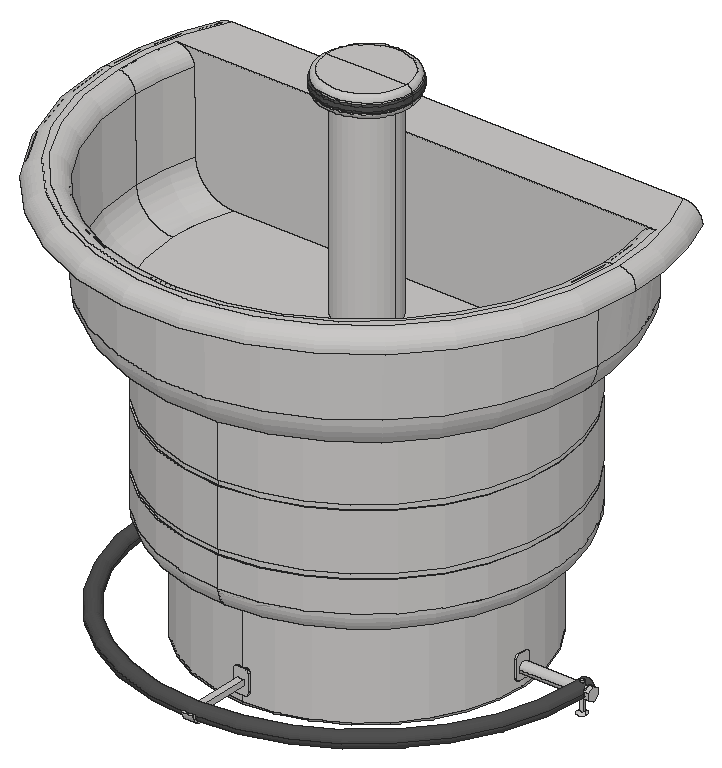
Revit family "Washfountain_Lavatory-Bradley_Corp-WF2703-Type_O_Drain", category Plumbing Fixtures, Revit 2012 (continued)
Automatic sketch dimensions
  curve 111 to curve 118 = 0.01928"
  curve 118 to curve 118 = 0.39728"
  curve 118 to curve 118 = 0.31998"
  curve 118 to curve 121 = 0.31998"
  curve 113 to curve 10 = 1.000"
  curve 10 to curve 114 = 0.625"
  curve 120 to curve 10 = 0.29642"
  curve 120 to curve 114 = 2.18152"
  curve 120 to curve 120 = 0.31998"  (x2)
  curve 10 to curve 115 = 3.69333"
  curve 120 to curve 120 = 0.39728"
  curve 114 to curve 112 = 4.76314"
  curve 118 to curve 118 = 0.17193"
  curve 120 to curve 114 = 0.46834"
  curve 121 to curve 115 = 2.89842"
  curve 115 to curve 115 = 1.000"
  curve 10 to curve 114 = 13.12502"
  curve 10 to curve 110 = 14.62567"
  curve 10 to curve 110 = 15.313"
  curve 10 to curve 113 = 15.313"
  curve 108 to curve 109 = 0.000"
  curve 123 to curve 122 = 0.000"
  curve 129 to curve 122 = 0.000"
  curve 130 to curve 122 = 0.000"
  curve 124 to curve 122 = 0.000"
  curve 123 to curve 122 = 2.56458"
  curve 122 to curve 129 = 1.000"
  curve 122 to curve 134 = 1.000"
  curve 122 to curve 133 = 1.000"
  curve 132 to curve 122 = 1.000"
  curve 131 to curve 132 = 0.000"
  curve 130 to curve 122 = 0.99987"
  curve 122 to curve 127 = 2.56458"
  curve 122 to curve 130 = 1.0786"
  curve 128 to curve 127 = 0.500"
  curve 122 to curve 126 = 14.12567"
  curve 126 to curve 125 = 0.500"
  curve 132 to curve 132 = 0.68733"
  curve 125 to curve 124 = 0.68733"
  curve 125 to curve 123 = 0.68733"
  curve 133 to curve 133 = 0.68733"
  curve 135 to curve 136 = 0.000"
  curve 96 to curve 136 = 1.37502"
  curve 96 to curve 136 = 6.02868"
  curve 84 to curve 136 = 6.02868"
  curve 93 to curve 98 = 0.9785"
  curve 93 to curve 103 = 1.17006"
  curve 103 to curve 103 = 0.55422"  (x2)
  curve 103 to curve 136 = 0.29642"
  curve 103 to curve 103 = 0.10867"
  curve 103 to curve 96 = 0.36284"
  curve 101 to curve 93 = 0.43861"
  curve 101 to curve 100 = 0.10867"
  curve 101 to curve 136 = 0.30441"
  curve 136 to curve 102 = 0.24981"
  curve 102 to curve 135 = 0.75019"
  curve 136 to curve 83 = 1.000"
  curve 135 to curve 94 = 0.41987"
  curve 83 to curve 92 = 1.93542"
  curve 92 to curve 91 = 0.12917"
  curve 90 to curve 136 = 1.41987"
  curve 83 to curve 136 = 1.000"
  curve 90 to curve 135 = 0.420"
  curve 105 to curve 136 = 0.35848"
  curve 105 to curve 106 = 0.10867"
  curve 136 to curve 105 = 0.30441"
  curve 136 to curve 86 = 0.52868"
  curve 88 to curve 105 = 0.32994"
  curve 136 to curve 99 = 1.50718"
  curve 104 to curve 97 = 2.42006"
  curve 97 to curve 107 = 0.4715"
  curve 107 to curve 107 = 0.55422"  (x2)
  curve 107 to curve 107 = 0.10867"
  curve 97 to curve 87 = 2.750"
  curve 136 to curve 105 = 0.29642"
  curve 103 to curve 103 = 0.04026"
  curve 105 to curve 105 = 0.04026"
  curve 106 to curve 97 = 1.0786"
  curve 93 to curve 98 = 2.602"
  curve 136 to curve 99 = 3.97702"
  curve 98 to curve 98 = 1.000"
  curve 99 to curve 99 = 1.000"
  curve 136 to curve 96 = 13.12502"
  curve 136 to curve 97 = 13.12502"
  curve 136 to curve 95 = 14.62567"
  curve 136 to curve 88 = 14.62567"
  curve 136 to curve 86 = 15.313"
  Extrusion 21 sketch curve to Extrusion 21 sketch curve = 0.000"  (x6)
  Extrusion 21 sketch curve to plane 12 = 0.000"  (x3)
  plane 3 "Center (Left/Right)" to Extrusion 21 sketch curve = 5.750"
  Extrusion 21 sketch curve to Extrusion 21 sketch curve = 0.87229"
  Extrusion 21 sketch curve to Extrusion 21 sketch curve = 0.25708"  (x5)
  Extrusion 21 sketch curve to Extrusion 21 sketch curve = 0.62063"  (x5)
  plane 12 to Extrusion 21 sketch curve = 0.62063"  (x2)
  Extrusion 21 sketch curve to plane 12 = 0.62063"  (x2)
  Extrusion 22 sketch curve to plane 12 = 0.000"
  plane 3 "Center (Left/Right)" to Extrusion 22 sketch curve = 4.000"
  profile plane to Sweep 23 sketch curve = 0.500"
  profile plane to Sweep 23 sketch curve = 1.42499"
  Extrusion 24 sketch curve to plane 12 = 0.42481"
  Extrusion 24 sketch curve to plane 12 = 0.05332"
  Extrusion 24 sketch curve to plane 12 = 0.05331"
  plane 12 to Extrusion 24 sketch curve = 0.31819"
  level to Extrusion 24 sketch curve = 0.99603"
  Extrusion 24 sketch curve to Extrusion 24 sketch curve = 0.21448"  (x2)
  Extrusion 24 sketch curve to Extrusion 24 sketch curve = 0.42897"  (x2)
  Extrusion 24 sketch curve to Extrusion 24 sketch curve = 0.21449"
  Extrusion 25 sketch curve to plane 12 = 0.42481"
  Extrusion 25 sketch curve to plane 12 = 0.05332"
  Extrusion 25 sketch curve to plane 12 = 0.05331"
  plane 12 to Extrusion 25 sketch curve = 0.31819"
  level to Extrusion 25 sketch curve = 0.99603"
  Extrusion 25 sketch curve to Extrusion 25 sketch curve = 0.21448"  (x2)
  Extrusion 25 sketch curve to Extrusion 25 sketch curve = 0.42897"  (x2)
  Extrusion 25 sketch curve to Extrusion 25 sketch curve = 0.21449"
  Extrusion 26 sketch curve to plane 12 = 0.05331"
  level to Extrusion 26 sketch curve = 1.425"
  Extrusion 27 sketch curve to plane 12 = 0.05331"
  level to Extrusion 27 sketch curve = 1.42499"
  Extrusion 28 sketch curve to plane 12 = 0.000"  (x2)
  plane 4 "Left" to Extrusion 28 sketch curve = 3.42187"
  Extrusion 28 sketch curve to plane 5 "Right" = 3.42187"
  Blend 29 sketch curve to plane 12 = 0.000"  (x2)
  plane 4 "Left" to Blend 29 sketch curve = 3.42187"  (x2)
  Blend 30 sketch curve to plane 12 = 0.000"  (x2)
  Blend 30 sketch curve to plane 5 "Right" = 3.42187"  (x2)
  Masking region 27 sketch curve to curve 163 = 1.9244"
  Masking region 27 sketch curve to curve 163 = 13.00846"
  curve 163 to Masking region 27 sketch curve = 1.100"
  Masking region 27 sketch curve to Masking region 27 sketch curve = 0.80046"
  Masking region 27 sketch curve to curve 163 = 0.92558"
  curve 163 to Masking region 27 sketch curve = 13.00846"
  Extrusion 31 sketch curve to plane 12 = 0.55331"
  Extrusion 31 sketch curve to plane 12 = 0.30331"  (x2)
  plane 12 to Extrusion 31 sketch curve = 0.19669"  (x2)
  Extrusion 31 sketch curve to Extrusion 31 sketch curve = 0.250"
  level to Extrusion 31 sketch curve = 0.671"
  Extrusion 31 sketch curve to Extrusion 31 sketch curve = 1.125"
  Extrusion 32 sketch curve to plane 12 = 0.55331"
  Extrusion 32 sketch curve to plane 12 = 0.30331"
  Extrusion 32 sketch curve to Extrusion 32 sketch curve = 0.250"  (x2)
  plane 12 to Extrusion 32 sketch curve = 0.19669"  (x2)
  level to Extrusion 32 sketch curve = 0.671"
  Extrusion 32 sketch curve to Extrusion 32 sketch curve = 1.125"
  Masking region 28 sketch curve to Masking region 28 sketch curve = 0.000"  (x12)
  Masking region 28 sketch curve to level = 0.000"  (x2)
  plane 4 "Left" to Masking region 28 sketch curve = 2.67187"
  Masking region 28 sketch curve to Masking region 28 sketch curve = 0.3125"  (x2)
  Masking region 28 sketch curve to Masking region 28 sketch curve = 0.1105"
  Masking region 28 sketch curve to Masking region 28 sketch curve = 0.1734"
  Masking region 28 sketch curve to Masking region 28 sketch curve = 0.17342"
  Masking region 28 sketch curve to Masking region 28 sketch curve = 0.14408"
  Masking region 28 sketch curve to Masking region 28 sketch curve = 0.207"  (x5)
  Masking region 28 sketch curve to Masking region 28 sketch curve = 0.18967"
  Masking region 28 sketch curve to Masking region 28 sketch curve = 0.240"  (x4)
  Masking region 28 sketch curve to Masking region 28 sketch curve = 3.84177"
  Masking region 28 sketch curve to Masking region 28 sketch curve = 0.125"  (x2)
  level to Masking region 28 sketch curve = 2.296"
  Masking region 28 sketch curve to plane 5 "Right" = 7.50863"
  Masking region 28 sketch curve to Masking region 28 sketch curve = 3.63477"
  Masking region 28 sketch curve to Masking region 28 sketch curve = 0.05033"
  level to Masking region 28 sketch curve = 0.1445"  (x4)
  Masking region 28 sketch curve to Masking region 28 sketch curve = 0.14409"  (x2)
  Masking region 28 sketch curve to Masking region 28 sketch curve = 0.20127"  (x2)
  Masking region 28 sketch curve to Masking region 28 sketch curve = 0.33574"
  level to Masking region 28 sketch curve = 0.671"  (x2)
  Masking region 28 sketch curve to Masking region 28 sketch curve = 0.78363"  (x2)
  Masking region 28 sketch curve to Masking region 28 sketch curve = 0.03488"  (x2)
  Masking region 28 sketch curve to Masking region 28 sketch curve = 0.03303"  (x2)
  Masking region 28 sketch curve to Masking region 28 sketch curve = 0.05746"
  Masking region 28 sketch curve to Masking region 28 sketch curve = 0.05747"  (x2)
  Masking region 28 sketch curve to Masking region 28 sketch curve = 0.05748"
  Masking region 28 sketch curve to Masking region 28 sketch curve = 0.09048"
  Masking region 28 sketch curve to Masking region 28 sketch curve = 0.09049"
  Masking region 28 sketch curve to Masking region 28 sketch curve = 0.07813"
  Masking region 28 sketch curve to Masking region 28 sketch curve = 0.11301"
  Masking region 28 sketch curve to Masking region 28 sketch curve = 1.625"
  level to Masking region 29 sketch curve = 1.9244"
  plane 14 "Front" to Masking region 29 sketch curve = 3.82788"
  plane 12 to Masking region 29 sketch curve = 0.500"
  Masking region 29 sketch curve to Masking region 29 sketch curve = 0.49941"
  Extrusion 33 sketch curve to Extrusion 33 sketch curve = 0.000"  (x4)
  level to Extrusion 33 sketch curve = 1.42499"
  plane 14 "Front" to Extrusion 33 sketch curve = 3.22848"
  Extrusion 33 sketch curve to Extrusion 33 sketch curve = 0.050"
  Extrusion 33 sketch curve to Extrusion 33 sketch curve = 0.49941"
  Extrusion 33 sketch curve to Extrusion 33 sketch curve = 0.45761"
  level to Extrusion 34 sketch curve = 1.42499"
  plane 14 "Front" to Extrusion 34 sketch curve = 3.82788"
  Extrusion 34 sketch curve to Extrusion 34 sketch curve = 0.56506"
  Extrusion 34 sketch curve to Extrusion 34 sketch curve = 0.000"
  level to Extrusion 34 sketch curve = 1.62499"
  Extrusion 34 sketch curve to Extrusion 34 sketch curve = 3.32401"
  Masking region 32 sketch curve to plane 1 "Center (Front/Back)" = 0.000"
  Masking region 32 sketch curve to plane 5 "Right" = 1.41931"
  curve 13 to curve 172 = 0.000"  (x2)
  curve 172 to curve 175 = 2.64121"
  plane 1 "Center (Front/Back)" to curve 174 = 3.4965"
  plane 12 to curve 174 = 2.14004"
  curve 174 to curve 174 = 2.64121"
  plane 12 to curve 172 = 2.14004"
  curve 149 to plane 12 = 0.000"
  curve 149 to plane 3 "Center (Left/Right)" = 0.000"
  plane 12 to curve 150 = 0.500"
  plane 12 to curve 151 = 0.500"
  plane 12 to Masking region 33 sketch curve = 1.13814"  (x2)
  plane 12 to Masking region 33 sketch curve = 3.13814"
  Masking region 33 sketch curve to Masking region 33 sketch curve = 3.4641"  (x2)
  Masking region 33 sketch curve to Masking region 33 sketch curve = 0.06458"  (x2)
  plane 3 "Center (Left/Right)" to Masking region 33 sketch curve = 3.52868"
  plane 3 "Center (Left/Right)" to Masking region 33 sketch curve = 0.06458"
  Masking region 33 sketch curve to plane 3 "Center (Left/Right)" = 0.06458"
  Masking region 33 sketch curve to plane 3 "Center (Left/Right)" = 5.500"
  plane 12 to Masking region 33 sketch curve = 3.250"
  Masking region 33 sketch curve to Masking region 33 sketch curve = 0.11186"
  Masking region 33 sketch curve to Masking region 33 sketch curve = 2.000"
  plane 12 to curve 183 = 2.26314"
  plane 3 "Center (Left/Right)" to curve 183 = 7.08013"
  curve 183 to curve 182 = 1.51554"
  plane 3 "Center (Left/Right)" to curve 183 = 1.58013"
  plane 3 "Center (Left/Right)" to curve 182 = 0.06458"
  curve 181 to plane 3 "Center (Left/Right)" = 0.06458"
  curve 180 to plane 3 "Center (Left/Right)" = 1.58013"
  curve 181 to plane 3 "Center (Left/Right)" = 5.56458"
  plane 12 to curve 180 = 2.26314"
  curve 181 to curve 180 = 1.51554"
  curve 181 to curve 180 = 0.875"  (x2)
  curve 182 to curve 183 = 0.875"  (x2)
  curve 182 to plane 12 = 6.38814"
  curve 181 to curve 182 = 0.000"
  Masking region 34 sketch curve to plane 12 = 0.000"
  Masking region 34 sketch curve to plane 3 "Center (Left/Right)" = 0.000"
  plane 12 to Masking region 34 sketch curve = 2.250"
  plane 3 "Center (Left/Right)" to Masking region 34 sketch curve = 6.20569"
  plane 4 "Left" to curve 150 = 2.99154"
  curve 13 to curve 176 = 0.000"  (x2)
  curve 174 to curve 177 = 0.000"  (x2)
  curve 175 to curve 178 = 0.000"  (x2)
  curve 178 to curve 178 = 0.75958"
  curve 178 to curve 176 = 0.03579"
  curve 174 to curve 176 = 0.78132"
  curve 179 to curve 175 = 0.78315"
  curve 176 to curve 178 = 0.17716"
  curve 186 to plane 12 = 0.000"
  curve 186 to plane 3 "Center (Left/Right)" = 0.000"
  curve 187 to curve 186 = 4.15684"
  curve 185 to curve 185 = 2.250"
  curve 187 to curve 186 = 2.250"
  curve 7 to curve 44 = 1.00047"
  curve 44 to curve 7 = 3.13971"
  curve 45 to curve 44 = 0.000"  (x2)
  curve 44 to curve 46 = 0.1567"
  curve 46 to curve 47 = 0.05262"
  curve 47 to curve 48 = 0.05262"
  curve 48 to curve 49 = 0.06777"
  curve 7 to curve 49 = 2.810"
  curve 49 to curve 48 = 0.06777"
  curve 48 to curve 47 = 0.05262"
  curve 47 to curve 46 = 0.05262"
  curve 46 to curve 44 = 0.1567"
  curve 46 to curve 44 = 0.64189"
  curve 47 to curve 46 = 1.250"
  curve 48 to curve 47 = 1.250"
  curve 49 to curve 48 = 1.250"
  curve 7 to curve 45 = 0.37529"
  Extrusion 38 sketch curve to plane 3 "Center (Left/Right)" = 0.500"
  Extrusion 38 sketch curve to plane 3 "Center (Left/Right)" = 0.250"  (x2)
  plane 3 "Center (Left/Right)" to Extrusion 38 sketch curve = 0.250"  (x2)
  Extrusion 38 sketch curve to Extrusion 38 sketch curve = 0.250"
  level to Extrusion 38 sketch curve = 0.671"
  Extrusion 38 sketch curve to Extrusion 38 sketch curve = 1.125"
  Masking region 30 sketch curve to Masking region 30 sketch curve = 0.000"  (x6)
  Masking region 30 sketch curve to level = 0.000"
  plane 14 "Front" to Masking region 30 sketch curve = 3.22848"
  Masking region 30 sketch curve to Masking region 30 sketch curve = 0.050"
  Masking region 30 sketch curve to Masking region 30 sketch curve = 0.49941"
  level to Masking region 30 sketch curve = 0.92558"  (x2)
  Masking region 30 sketch curve to Masking region 30 sketch curve = 3.55758"
  Masking region 30 sketch curve to Masking region 30 sketch curve = 0.125"  (x2)
  Masking region 30 sketch curve to plane 12 = 0.55349"
  Masking region 30 sketch curve to plane 12 = 0.55331"
  Masking region 30 sketch curve to Masking region 30 sketch curve = 0.1285"
  Masking region 30 sketch curve to plane 12 = 0.32637"
  Masking region 30 sketch curve to plane 12 = 0.30331"
  Masking region 30 sketch curve to plane 12 = 0.30215"
  Masking region 30 sketch curve to plane 12 = 0.120"
  Masking region 30 sketch curve to plane 12 = 0.05332"
  Masking region 30 sketch curve to plane 12 = 0.05331"
  plane 12 to Masking region 30 sketch curve = 0.120"
  plane 12 to Masking region 30 sketch curve = 0.19559"
  plane 12 to Masking region 30 sketch curve = 0.19669"
  Masking region 30 sketch curve to Masking region 30 sketch curve = 0.1226"
  Masking region 30 sketch curve to Masking region 30 sketch curve = 0.20637"
  Masking region 30 sketch curve to Masking region 30 sketch curve = 0.250"
  Masking region 30 sketch curve to Masking region 30 sketch curve = 0.25134"
  level to Masking region 30 sketch curve = 0.1445"  (x2)
  Masking region 30 sketch curve to Masking region 30 sketch curve = 0.25458"
  Masking region 30 sketch curve to Masking region 30 sketch curve = 0.5265"
  Masking region 30 sketch curve to Masking region 30 sketch curve = 0.25136"
  Masking region 30 sketch curve to Masking region 30 sketch curve = 0.07367"
  Masking region 30 sketch curve to Masking region 30 sketch curve = 0.28493"  (x2)
  Masking region 30 sketch curve to Masking region 30 sketch curve = 0.42897"  (x2)
  Masking region 30 sketch curve to Masking region 30 sketch curve = 0.21449"
  Masking region 30 sketch curve to Masking region 30 sketch curve = 0.99881"
  Masking region 30 sketch curve to Masking region 30 sketch curve = 0.28491"
  Masking region 30 sketch curve to Masking region 30 sketch curve = 0.1216"
  Masking region 30 sketch curve to Masking region 30 sketch curve = 0.3716"
  curve 163 to Masking region 31 sketch curve = 1.000"
  Masking region 31 sketch curve to Masking region 31 sketch curve = 0.00039"
  Masking region 31 sketch curve to Masking region 31 sketch curve = 0.09961"
  Masking region 31 sketch curve to Masking region 31 sketch curve = 0.250"  (x2)
  Masking region 31 sketch curve to Masking region 31 sketch curve = 0.49837"
  Masking region 31 sketch curve to Masking region 31 sketch curve = 0.500"
  Masking region 31 sketch curve to Masking region 31 sketch curve = 0.09932"
  Masking region 31 sketch curve to curve 163 = 0.67509"
  Masking region 31 sketch curve to Masking region 31 sketch curve = 0.54936"
  Masking region 31 sketch curve to Masking region 31 sketch curve = 0.44941"
  Masking region 31 sketch curve to Masking region 31 sketch curve = 0.1216"
  Masking region 31 sketch curve to Masking region 31 sketch curve = 0.000"
  Masking region 31 sketch curve to Masking region 31 sketch curve = 0.15088"
  Masking region 31 sketch curve to Masking region 31 sketch curve = 0.09954"
  curve 163 to curve 192 = 1.100"
  curve 191 to curve 191 = 0.80046"
  curve 190 to curve 163 = 0.82558"
  curve 191 to curve 192 = 0.100"
  curve 190 to curve 190 = 0.100"
  Extrusion 37 sketch curve to curve 7 = 1.500"
  Extrusion 37 sketch curve to curve 7 = 0.500"
  Extrusion 37 sketch curve to curve 7 = 32.304"
  Extrusion 37 sketch curve to curve 7 = 30.304"
  Split face 3 sketch curve to cut or joined group of Revolve 11, Extrusion 13 = 0.000"  (x3)
  Revolve 39 sketch curve to curve 7 = 0.000"
  Revolve 39 sketch curve to Revolve 39 sketch curve = 0.000"
  Revolve 39 sketch curve to curve 7 = 3.13971"
  Revolve 39 sketch curve to Revolve 39 sketch curve = 0.06598"
  Revolve 39 sketch curve to Revolve 39 sketch curve = 2.30326"
  Revolve 39 sketch curve to Revolve 39 sketch curve = 2.94627"
  Extrusion 40 sketch curve to curve 7 = 0.000"
  Extrusion 40 sketch curve to curve 7 = 3.20569"
  Extrusion 40 sketch curve to Extrusion 40 sketch curve = 0.06598"  (x2)
  curve 7 to Extrusion 40 sketch curve = 3.13971"
  curve 6 to Masking region 37 sketch curve = 1.57537"
  Masking region 37 sketch curve to Masking region 37 sketch curve = 0.400"
  Masking region 37 sketch curve to curve 6 = 1.79013"
  curve 6 to Masking region 37 sketch curve = 0.79013"
  Masking region 38 sketch curve to curve 6 = 1.54013"
  Masking region 38 sketch curve to Masking region 38 sketch curve = 0.500"
  plane 4 "Left" to curve 165 = 2.67187"
  curve 166 to curve 165 = 0.000"
  curve 166 to curve 164 = 0.3125"
  level to curve 167 = 0.1445"
  curve 164 to curve 167 = 0.3175"
  curve 167 to curve 167 = 0.240"
  curve 167 to curve 164 = 0.909"
  curve 164 to curve 166 = 0.15701"
  curve 166 to curve 165 = 0.42897"
  curve 165 to curve 164 = 0.15701"
  level to curve 171 = 0.1445"
  curve 171 to plane 5 "Right" = 3.54187"
  curve 171 to curve 171 = 0.240"
  curve 171 to curve 169 = 0.34536"
  curve 168 to curve 168 = 0.33574"
  curve 170 to curve 170 = 0.33574"
  curve 171 to curve 169 = 0.90899"
  curve 169 to curve 170 = 0.15702"
  curve 170 to curve 168 = 0.42897"
  curve 168 to curve 169 = 0.15701"
  Sweep 1 sketch curve to Sweep 1 sketch curve = 0.000"  (x8)
  Sweep 1 sketch curve to profile plane = 0.000"  (x2)
  profile plane to Sweep 1 sketch curve = 0.00001"
  Sweep 1 sketch curve to profile plane = 0.11999"
  Sweep 1 sketch curve to profile plane = 1.12499"
  Sweep 1 sketch curve to Sweep 1 sketch curve = 0.410"
  profile plane to Sweep 1 sketch curve = 0.00011"
  Sweep 1 sketch curve to Sweep 1 sketch curve = 1.005"
  Sweep 1 sketch curve to profile plane = 2.58748"
  Sweep 1 sketch curve to profile plane = 1.125"
  Sweep 1 sketch curve to Sweep 1 sketch curve = 0.11996"
  Sweep 1 sketch curve to Sweep 1 sketch curve = 2.49334"
  Sweep 1 sketch curve to Sweep 1 sketch curve = 11.13252"
  Sweep 1 sketch curve to Sweep 1 sketch curve = 0.120"
  Sweep 1 sketch curve to Sweep 1 sketch curve = 2.31283"
  Sweep 1 sketch curve to Sweep 1 sketch curve = 0.00025"
  Sweep 1 sketch curve to Sweep 1 sketch curve = 0.00011"
  Sweep 3 sketch curve to profile plane = 0.000"  (x2)
  Sweep 3 sketch curve to profile plane = 0.120"  (x2)
  Sweep 3 sketch curve to Sweep 3 sketch curve = 2.41999"
  Sweep 3 sketch curve to Sweep 3 sketch curve = 0.120"  (x2)
  Sweep 3 sketch curve to Sweep 3 sketch curve = 13.67331"
  Sweep 3 sketch curve to Sweep 3 sketch curve = 1.005"
  Masking region 18 sketch curve to plane 1 "Center (Front/Back)" = 0.000"
  plane 14 "Front" to Masking region 18 sketch curve = 2.540"
  Masking region 18 sketch curve to plane 10 "Rim Height" = 1.125"
  plane 14 "Front" to Masking region 18 sketch curve = 0.00001"
  Masking region 17 sketch curve to plane 14 "Front" = 0.000"
  Masking region 17 sketch curve to plane 1 "Center (Front/Back)" = 0.000"
  plane 14 "Front" to Masking region 17 sketch curve = 1.125"
  plane 14 "Front" to Masking region 17 sketch curve = 2.58749"
  Masking region 17 sketch curve to Masking region 17 sketch curve = 1.415"
  Masking region 17 sketch curve to Masking region 17 sketch curve = 2.61331"
  plane 11 "Pedestal Height" to Masking region 17 sketch curve = 2.43283"
  Masking region 13 sketch curve to plane 4 "Left" = 0.000"
  Masking region 13 sketch curve to plane 10 "Rim Height" = 0.000"  (x2)
  Masking region 13 sketch curve to plane 11 "Pedestal Height" = 0.000"
  Masking region 13 sketch curve to plane 5 "Right" = 0.000"
  plane 10 "Rim Height" to Masking region 13 sketch curve = 0.00019"
  plane 4 "Left" to Masking region 13 sketch curve = 1.125"
  Masking region 13 sketch curve to Masking region 13 sketch curve = 1.125"
  Masking region 13 sketch curve to Masking region 13 sketch curve = 1.415"  (x2)
  plane 4 "Left" to Masking region 13 sketch curve = 2.58749"
  Masking region 13 sketch curve to Masking region 13 sketch curve = 2.61331"
  Masking region 13 sketch curve to plane 5 "Right" = 5.20079"
  Masking region 13 sketch curve to plane 5 "Right" = 2.58749"
  Masking region 13 sketch curve to plane 10 "Rim Height" = 1.125"
  Masking region 13 sketch curve to Masking region 13 sketch curve = 0.000"
  plane 11 "Pedestal Height" to Masking region 13 sketch curve = 2.43283"  (x2)
  Masking region 14 sketch curve to plane 4 "Left" = 0.000"
  Masking region 14 sketch curve to plane 11 "Pedestal Height" = 0.000"
  Masking region 14 sketch curve to plane 5 "Right" = 0.000"
  Masking region 14 sketch curve to plane 10 "Rim Height" = 0.000"
  plane 4 "Left" to Masking region 14 sketch curve = 2.25999"
  Masking region 14 sketch curve to plane 10 "Rim Height" = 1.125"  (x2)
  Masking region 14 sketch curve to Masking region 14 sketch curve = 2.25999"
  Extrusion 43 sketch curve to Extrusion 43 sketch curve = 0.000"  (x2)
  Extrusion 43 sketch curve to plane 3 "Center (Left/Right)" = 0.000"
  plane 12 to Extrusion 43 sketch curve = 4.2007"
  Extrusion 43 sketch curve to plane 5 "Right" = 2.97042"
  Extrusion 43 sketch curve to plane 1 "Center (Front/Back)" = 0.000"
  Extrusion 43 sketch curve to plane 5 "Right" = 4.43821"
  plane 4 "Left" to Extrusion 43 sketch curve = 4.43821"
  plane 4 "Left" to Extrusion 44 sketch curve = 1.65758"
  Sweep 45 sketch curve to profile plane = 0.05999"
  Sweep 45 sketch curve to profile plane = 0.060"
  Sweep 45 sketch curve to profile plane = 1.12499"
  Sweep 45 sketch curve to Sweep 45 sketch curve = 0.000"  (x2)
  Sweep 45 sketch curve to profile plane = 0.06025"
  Sweep 45 sketch curve to Sweep 45 sketch curve = 0.410"
  Sweep 45 sketch curve to Sweep 45 sketch curve = 1.065"
  Sweep 45 sketch curve to profile plane = 2.64746"
  Sweep 45 sketch curve to Sweep 45 sketch curve = 2.55332"
  Sweep 45 sketch curve to Sweep 45 sketch curve = 0.5792"
  Sweep 45 sketch curve to Sweep 45 sketch curve = 0.00025"
  Sweep 45 sketch curve to Sweep 45 sketch curve = 5.25501"
  Sweep 45 sketch curve to Sweep 45 sketch curve = 0.18475"
  Sweep 45 sketch curve to Sweep 45 sketch curve = 0.060"
  Sweep 45 sketch curve to Sweep 45 sketch curve = 0.00036"
  Extrusion 44 sketch curve to plane 1 "Center (Front/Back)" = 0.000"
  plane 3 "Center (Left/Right)" to Extrusion 44 sketch curve = 1.500"
  Extrusion 44 sketch curve to Extrusion 44 sketch curve = 1.48834"  (x2)
  Extrusion 44 sketch curve to plane 5 "Right" = 3.14592"
  Extrusion 44 sketch curve to plane 12 = 0.0533"
  Extrusion 44 sketch curve to plane 3 "Center (Left/Right)" = 1.500"
  curve 66 to level = 0.000"
  curve 66 to plane 3 "Center (Left/Right)" = 0.000"
  plane 3 "Center (Left/Right)" to curve 162 = 0.400"
  plane 3 "Center (Left/Right)" to curve 70 = 1.023"
  curve 69 to curve 162 = 1.635"
  curve 26 to plane 5 "Right" = 7.72264"
  curve 25 to curve 26 = 0.21401"
  curve 30 to plane 5 "Right" = 5.52592"
  curve 27 to curve 25 = 1.98272"
  curve 32 to curve 30 = 0.000"
  curve 29 to curve 27 = 0.000"
  curve 31 to curve 32 = 0.000"  (x2)
  curve 28 to curve 29 = 0.000"  (x2)
  curve 33 to plane 5 "Right" = 2.25999"
  curve 162 to plane 3 "Center (Left/Right)" = 0.40046"
  curve 68 to plane 3 "Center (Left/Right)" = 1.023"
  curve 162 to curve 67 = 1.63454"
  plane 4 "Left" to curve 26 = 7.72264"
  curve 26 to curve 25 = 0.21401"
  plane 4 "Left" to curve 32 = 5.52592"
  curve 30 to curve 32 = 0.000"
  curve 29 to curve 30 = 0.000"
  curve 27 to curve 28 = 0.000"
  plane 4 "Left" to curve 33 = 2.25999"
  level to curve 162 = 0.92558"
  level to curve 69 = 1.069"
  level to curve 67 = 1.069"
  curve 69 to curve 70 = 4.007"
  curve 68 to curve 70 = 0.000"
  curve 26 to curve 27 = 3.92692"
  curve 26 to curve 25 = 0.31292"
  curve 28 to curve 29 = 0.1875"
  curve 31 to curve 32 = 0.1875"
  curve 71 to level = 0.000"
  curve 71 to plane 12 = 0.000"
  curve 19 to plane 1 "Center (Front/Back)" = 0.000"
  curve 18 to plane 1 "Center (Front/Back)" = 0.000"
  curve 23 to plane 1 "Center (Front/Back)" = 0.000"
  curve 24 to plane 1 "Center (Front/Back)" = 0.000"
  curve 20 to plane 1 "Center (Front/Back)" = 0.000"
  curve 22 to plane 1 "Center (Front/Back)" = 0.000"
  curve 21 to plane 1 "Center (Front/Back)" = 0.000"
  curve 17 to plane 1 "Center (Front/Back)" = 0.000"
  curve 16 to plane 1 "Center (Front/Back)" = 0.000"
  curve 156 to plane 12 = 0.05331"
  curve 161 to plane 12 = 0.120"
  curve 157 to plane 12 = 0.120"
  curve 155 to plane 12 = 0.120"
  curve 75 to plane 12 = 0.96986"
  curve 74 to curve 161 = 1.86186"
  plane 14 "Front" to curve 23 = 8.05596"
  curve 22 to curve 23 = 0.21401"
  plane 14 "Front" to curve 16 = 5.86393"
  curve 17 to curve 16 = 0.000"
  curve 18 to curve 16 = 0.000"
  curve 21 to curve 17 = 0.0047"
  curve 19 to curve 21 = 0.000"
  curve 20 to curve 21 = 0.000"
  plane 14 "Front" to curve 24 = 2.53001"
  plane 12 to curve 157 = 0.120"
  plane 12 to curve 160 = 0.120"
  plane 12 to curve 155 = 0.120"
  plane 12 to curve 73 = 0.96986"
  curve 160 to curve 72 = 1.86186"
  level to curve 155 = 0.1445"
  curve 155 to curve 160 = 0.52704"
  curve 161 to curve 160 = 0.000"  (x2)
  curve 160 to curve 160 = 0.25404"
  level to curve 72 = 1.069"
  level to curve 74 = 1.069"
  curve 161 to curve 156 = 0.49942"
  curve 156 to curve 158 = 0.4994"
  curve 159 to curve 158 = 0.000"
  curve 158 to curve 157 = 0.07559"
  curve 157 to curve 75 = 3.07601"
  curve 73 to curve 75 = 0.000"
  curve 73 to curve 71 = 0.96995"
  curve 23 to curve 22 = 0.31292"
  curve 22 to curve 20 = 3.614"
  curve 20 to curve 21 = 0.1875"
  curve 21 to curve 19 = 0.1875"
  curve 19 to curve 17 = 3.8125"
  curve 17 to curve 18 = 0.1875"
  curve 18 to curve 16 = 0.1875"
  curve 5 to plane 12 = 0.000"
  curve 6 to plane 3 "Center (Left/Right)" = 0.000"
  plane 3 "Center (Left/Right)" to curve 195 = 1.500"
  plane 3 "Center (Left/Right)" to curve 5 = 3.000"
  curve 195 to plane 3 "Center (Left/Right)" = 1.500"
  curve 5 to plane 3 "Center (Left/Right)" = 3.000"
  plane 12 to curve 6 = 3.000"
  curve 6 to plane 12 = 3.000"
  curve 195 to plane 14 "Front" = 1.500"
  curve 43 to curve 5 = 1.57537"
  curve 5 to curve 42 = 0.56538"
  curve 43 to curve 42 = 0.0755"
  curve 5 to curve 41 = 1.00013"
  curve 41 to curve 5 = 1.00013"
  curve 5 to curve 42 = 1.49987"
  curve 42 to curve 43 = 0.0755"
  curve 43 to curve 42 = 1.4495"
  curve 41 to curve 5 = 2.84038"
  curve 195 to curve 196 = 1.500"
  radius of curve 13 = 18.280"
  radius of curve 138 = 1.750"
  radius of curve 139 = 1.250"
  radius of curve 140 = 0.1842"
  radius of curve 141 = 0.1842"
  radius of curve 142 = 0.1842"
  radius of curve 143 = 0.1842"
  radius of curve 144 = 0.1842"
  radius of curve 145 = 0.1842"
  radius of curve 146 = 0.1842"
  radius of curve 147 = 0.1842"
  radius of curve 148 = 0.1842"
  radius of Extrusion 15 sketch curve = 2.000"
  radius of Extrusion 18 sketch curve = 2.000"
  radius of Extrusion 21 sketch curve = 0.1842"  (x9)
  radius of Extrusion 22 sketch curve = 1.750"
  radius of curve 137 to Extrusion 21 = 0.500"
  radius of Sweep 23 sketch curve = 0.49941"
  radius of Extrusion 26 sketch curve = 0.3715"
  radius of Extrusion 27 sketch curve = 0.3715"
  radius of Extrusion 28 sketch curve = 0.120"  (x2)
  radius of Blend 29 sketch curve = 0.120"
  radius of Blend 29 sketch curve = 0.327"
  radius of Blend 30 sketch curve = 0.120"
  radius of Blend 30 sketch curve = 0.327"
  radius of curve 184 = 2.000"
  radius of Masking region 35 sketch curve = 4.57537"
  radius of curve 188 = 3.750"
  radius of Masking region 36 sketch curve = 3.12487"
  radius of curve 189 = 2.750"
  radius of Extrusion 41 sketch curve = 0.500"
  radius of Extrusion 42 sketch curve = 0.250"
  radius of curve 193 to Extrusion 21 = 0.500"
  radius of curve 67 = 0.350"
  radius of curve 68 = 0.350"
  radius of curve 69 = 0.350"
  radius of curve 70 = 0.350"
  radius of curve 72 = 0.350"
  radius of curve 73 = 0.350"
  radius of curve 74 = 0.350"
  radius of curve 75 = 0.350"
  radius of curve 156 = 0.36122"
  radius of curve 196 = 0.500"
Connectors (in)
  piping at (-0.875, -6.5, 33.875), driven by "Hot Lavatory Inlet Radius", driven by "HWFU"
    settings: on Extrusion 35, index 1, connector radius 1/4", flow factor 0, pipe flow 0.0 GPM, pressure drop 0.0 psi, fitting loss kfactor 0, connector angle 0.00°, fixture units 0, engagement length 0.000", flow configuration 3, flow direction 1, fitting loss method 0, system type 19, joint type 0, gender type 0, connector reference index -1, connector utility 0, adjustable connector no, is connector primary yes, fitting loss table "", connector description "Hot Lavatory Inlet"
  piping at (0.875, -6.5, 33.875), driven by "Cold Lavatory Inlet Radius", driven by "CWFU"
    settings: on Extrusion 35, index 2, connector radius 1/4", flow factor 0, pipe flow 0.0 GPM, pressure drop 0.0 psi, fitting loss kfactor 0, connector angle 0.00°, fixture units 0, engagement length 0.000", flow configuration 3, flow direction 1, fitting loss method 0, system type 20, joint type 0, gender type 0, connector reference index -1, connector utility 0, adjustable connector no, is connector primary no, fitting loss table "", connector description "Cold Lavatory Inlet"
  piping at (4, 0, 12), driven by "Drain Primary Radius", driven by "WFU"
    settings: on Extrusion 46, index 3, connector radius 1", flow factor 0, pipe flow 0.0 GPM, pressure drop 0.0 psi, fitting loss kfactor 0, connector angle 0.00°, fixture units 0, engagement length 0.000", flow configuration 3, flow direction 2, fitting loss method 0, system type 16, joint type 0, gender type 0, connector reference index -1, connector utility 0, adjustable connector yes, is connector primary no, fitting loss table "", connector description "Drain Primary"
  piping at (4, -7.75, 0), driven by "Drain Secondary Radius", driven by "WFU"
    settings: on Extrusion 36, index 4, connector radius 1", flow factor 0, pipe flow 0.0 GPM, pressure drop 0.0 psi, fitting loss kfactor 0, connector angle 0.00°, fixture units 0, engagement length 0.000", flow configuration 3, flow direction 2, fitting loss method 0, system type 16, joint type 0, gender type 0, connector reference index -1, connector utility 0, adjustable connector yes, is connector primary no, fitting loss table "", connector description "Drain Secondary"
  electrical at (-4, 0, 11.071), driven by "Voltage"
    settings: on Extrusion 37, index 5, voltage 110 V, apparent load 0 VA, apparent load phase1 0 VA, apparent load phase2 0 VA, apparent load phase3 0 VA, power factor 1, load classification "Other", number of poles 1, system type 31, power factor state 1, is connector primary yes, connector utility no, sub classification motor no, connector description ""
